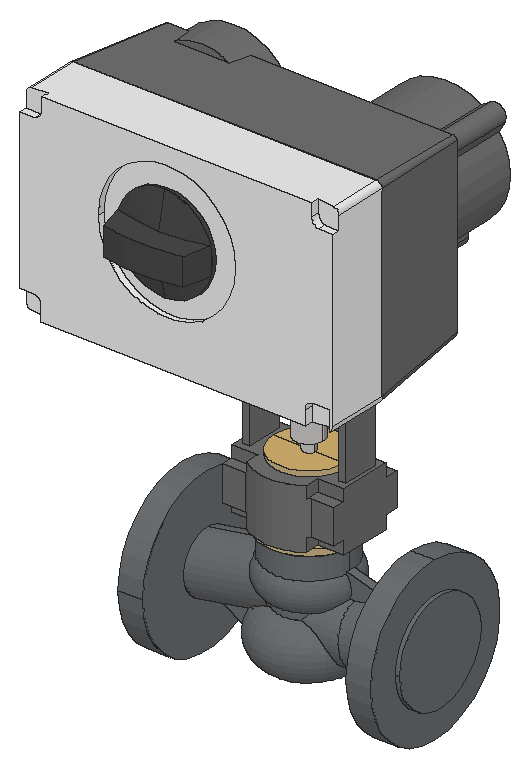
Revit family "VL2_DN15-DN100_AMV(E) 438 SU_RFA_2", category Pipe Accessories, Revit 2019 (continued)
Definition of nested family "Schematic_2-Way Valve_Flange"
  Lines and regions (mm)
    symbolic lines
      curve 14: line (-157.5, -50, 0) -> (0, 0, 0)
      curve 15: line (-180, 50, 0) -> (-180, -50, 0)
      curve 16: line (180, 50, 0) -> (180, -50, 0)
      curve 22: line (-60, 141, 0) -> (60, 141, 0)
      curve 23: line (-60, 261, 0) -> (-60, 141, 0)
      curve 24: line (60, 261, 0) -> (-60, 261, 0)
      curve 25: line (60, 141, 0) -> (60, 261, 0)
      curve 26: line (0, 0, 0) -> (0, 141, 0)
  Dimensions and locks
    "L": plane 6 to plane 7
    equal spacing: plane 6, plane 3 "Center (Left/Right)", plane 7
    "D1": plane 4 to plane 5
    equal spacing: plane 4, level, plane 5
    "L1": plane 8 to plane 7
    "L1": plane 6 to plane 9
    "D1": plane 11 to plane 10
    equal spacing: plane 11, plane 1 "Center (Front/Back)", plane 10
    "L_1": plane 13 to plane 12
    "H": plane 12 to level
    "L_1": plane 14 to plane 15
    equal spacing: plane 14, plane 3 "Center (Left/Right)", plane 15
    "H": plane 1 "Center (Front/Back)" to plane 16
    "L_1": plane 16 to plane 17
    equal spacing: plane 15, plane 3 "Center (Left/Right)", plane 14
    plane 15 to plane 14 = 120 mm
    aligned and locked: level to plane 2
    aligned and locked: plane 5 to curve 1
    aligned and locked: plane 4 to curve 1
    aligned and locked: plane 4 to curve 2
    aligned and locked: plane 5 to curve 2
    aligned and locked: curve 4 to plane 9
    aligned and locked: curve 7 to plane 8
    aligned and locked: level to curve 17
    aligned and locked: curve 18 to plane 12
    aligned and locked: plane 15 to curve 19
    aligned and locked: plane 13 to curve 20
    aligned and locked: curve 21 to plane 14
    aligned and locked: plane 16 to curve 26
    aligned and locked: plane 12 to curve 17
  Automatic sketch dimensions
    curve 15 to plane 7 = 0 mm
    curve 14 to plane 8 = 0 mm
    curve 24 to plane 15 = 0 mm
    plane 1 "Center (Front/Back)" to curve 14 = 0 mm
    curve 14 to plane 3 "Center (Left/Right)" = 0 mm
    curve 25 to plane 14 = 0 mm
    curve 10 to plane 9 = 0 mm
    curve 16 to plane 6 = 0 mm
    plane 11 to curve 15 = 0 mm
    plane 11 to curve 13 = 0 mm
    plane 11 to curve 16 = 0 mm
    plane 11 to curve 10 = 0 mm
    plane 10 to curve 15 = 0 mm
    plane 10 to curve 12 = 0 mm
    plane 10 to curve 16 = 0 mm
    plane 10 to curve 10 = 0 mm
    plane 17 to curve 25 = 0 mm
    curve 1 to plane 7 = 0 mm
    curve 8 to plane 3 "Center (Left/Right)" = 0 mm
    curve 2 to plane 6 = 0 mm
    curve 7 to plane 5 = 0 mm
    curve 5 to plane 5 = 0 mm
    curve 7 to plane 4 = 0 mm
    curve 3 to plane 4 = 0 mm
Types (13, lengths in mm): name | W | LE1_100 | LE_100 | L | H2 | H | EXT200 | DN15 to DN50 | D1 | L_Top | V2 | RB2 | RB | L_EXT | L_100 | HS_100 | H_Revolve Bottom | Weight | W2 | W1 | V_SMALL | V100 | Stroke | R_Arc | R_Top | R_Flow Pipe | R2_Revolve | R1_Revolve | RT3 | RT2 | RT1_1 | RT1 | Offset Flow Pipe_1 | Offset Flow Pipe_2 | Model Type | Model | L_S | L2 | Kvs | H_Revolve Top | H1 | HE_100 | HE1 | HE | HB2 | HB1 | HB | HE2 | EXT2 | D_Connection End | D_Flange | Extrusion Top 2 | Extrusion Top | Extrusion Bottom | D | L1_ve | Depth Flange_ve | Depth_Flange | L1 | Assembly point | Arc_100 | A2_Flow Pipe | A2_2 | A2 | A3 | A1_Flow Pipe | A1
  VL2_DN25_Kvs10_065Z0377 | 137.6 | 20 | 10 | 160 | 50 | 456.2 | 44 | yes | 50 | 3 | no | 1 | 1 | 90 | 10 | 0 | 33 | 2.59 kg | 23 | 18 | yes | no | "10 mm" | 36 | 12.5 | 19 | 10 | 13 | 12.5 | 20.5 | 21 | 25 | 9 | 6.47 | "VL2_DN25_Kvs10" | "065Z0377" | 48 | 80 | 10.0 m³/h | 25 | 91 | 3 | 60.5 | 0 | 1 | 35 | 30 | 37 | 15 | 62 | 100 | 5 | 28 | 30 | 25 | -2.5 | -13.5 | 13.5 | 2.5 | 1.3 | 1 | 165.00° | 0.00° | 15.00° | 15.00° | 169.00° | 12
  VL2_DN32_Kvs16_065Z0378 | 137.6 | 20 | 10 | 180 | 60 | 286 | 48.5 | yes | 64 | 3 | no | 1 | 1 | 100 | 10 | 0 | 35 | 3.82 kg | 27 | 15 | yes | no | "15 mm" | 41 | 12.5 | 24 | 18 | 19 | 23 | 23.5 | 24 | 29 | 7 | 7 | "VL2_DN32_Kvs16" | "065Z0378" | 48 | 90 | 16.0 m³/h | 33 | 95.5 | 3 | 65 | 0.5 | 1 | 35 | 30 | 41.5 | 25 | 72 | 120 | 10 | 34 | 30 | 32 | -2.5 | -15.8 | 15.8 | 2.5 | 0.8 | 1 | 168.00° | 0.00° | 13.00° | 15.00° | 170.00° | 13
  VL2_DN40_Kvs25_065Z0379 | 137.6 | 20 | 10 | 200 | 65 | 301.8 | 54 | yes | 80 | 3 | no | 1 | 1 | 120 | 10 | 0 | 44 | 5.28 kg | 31 | 18 | yes | no | "15 mm" | 50 | 12.5 | 28.5 | 21 | 21 | 19 | 28.5 | 29 | 37 | 9 | 10 | "VL2_DN40_Kvs25" | "065Z0379" | 48 | 100 | 25.0 m³/h | 42 | 106 | 3 | 76 | 5.3 | 1 | 35 | 30 | 48 | 30 | 82 | 130 | 10 | 38 | 37 | 40 | -2.5 | -15.8 | 15.8 | 2.5 | 0.3 | 1 | 168.00° | 0.00° | 20.00° | 15.00° | 168.00° | 20
  VL2_DN50_Kvs40_065Z0380 | 140 | 20 | 10 | 230 | 70 | 312.5 | 59 | yes | 100 | 3 | no | 1 | 1 | 150 | 10 | 0 | 53 | 6.74 kg | 42 | 30 | yes | no | "15 mm" | 59 | 12.5 | 30 | 23 | 26 | 20 | 34.5 | 35 | 43.5 | 10 | 15 | "VL2_DN50_Kvs40" | "065Z0380" | 65 | 115 | 40.0 m³/h | 45 | 111.3 | 3 | 81 | 6 | 1 | 35 | 30 | 53 | 30 | 93 | 140 | 10 | 40.5 | 41 | 50 | -3.5 | -16 | 16 | 3.5 | 0.3 | 1 | 166.00° | 0.00° | 18.00° | 13.00° | 170.00° | 15
  VL2_DN65_Kvs63_065Z0381 | 185 | 20 | 10 | 290 | 92.5 | 456.2 | 2 | no | 130 | 3 | yes | 27 | 55 | 180 | 10 | 0 | 66 | 13.90 kg | 58 | 40 | yes | no | "20 mm" | 82 | 12.5 | 41 | 23 | 27 | 22 | 1 | 5 | 22 | 20 | 25 | "VL2_DN65_Kvs63" | "065Z0381" | 97 | 145 | 63.0 m³/h | 68 | 148 | 3 | 113 | 20 | 7 | 81 | 60 | 68 | 65 | 130 | 185 | 20 | 63 | 66 | 65 | -5.5 | -19 | 19 | 5.5 | 7.3 | 1 | 165.00° | 0.00° | 20.00° | 18.00° | 165.00° | 30
  VL2_DN80_Kvs100_065Z0382 | 190 | 20 | 10 | 310 | 95 | 377.5 | 1 | no | 160 | 3 | yes | 27 | 62.5 | 200 | 10 | 0 | 65 | 17.22 kg | 64 | 43 | yes | no | "20 mm" | 91 | 12.5 | 44 | 32 | 37 | 22 | 1 | 5 | 22 | 30 | 21 | "VL2_DN80_Kvs100" | "065Z0382" | 95 | 155 | 100.0 m³/h | 75 | 152 | 3 | 118 | 32 | 8.5 | 86 | 60 | 60 | 58 | 138 | 190 | 20 | 66 | 65 | 80 | -5 | -17 | 17 | 5 | 7.3 | 1 | 169.00° | 0.00° | 15.00° | 15.00° | 163.00° | 22
  VL2_DN100_Kvs145_065Z3426 | 210 | 153 | 108 | 350 | 195 | 456.2 | 1 | no | 200 | 6 | yes | 105 | 70 | 19 | 170 | -72.5 | 50 | 39.00 kg | 50 | 43 | no | yes | "30 mm" | 2 | 17 | 47 | 25 | 25 | 35 | 60 | 59 | 35 | 25 | 33 | "VL2_DN100_Kvs145" | "065Z3426" | 95 | 175 | 145.0 m³/h | 60 | 161 | 72.5 | 117 | 33 | 44 | 151 | 70 | 45 | 0 | 160 | 210 | 20 | 67 | 152 | 100 | -3 | -21 | 21 | 3 | 0 | 30 | 164.00° | 44.00° | 45.00° | 0.00° | 165.00° | 43
  VL2_DN15_Kvs0.63_065Z0371 | 137.6 | 20 | 10 | 130 | 40 | 255.5 | 38 | yes | 30 | 3 | no | 1 | 1 | 80 | 25 | 0 | 27 | 1.48 kg | 16 | 17 | yes | no | "10 mm" | 30 | 12.5 | 15 | 6 | 9 | 12.5 | 15.5 | 16 | 20.5 | 7 | 5 | "VL2_DN15_Ksv0.63" | "065Z0371" | 48 | 65 | 0.63 m³/h | 23 | 85 | 3 | 54.5 | 0 | 1 | 25 | 20 | 31 | 20 | 50 | 80 | 5 | 22 | 26 | 15 | -2.5 | -12 | 12 | 2.5 | 1.3 | 10 | 168.00° | 0.00° | 30.00° | 16.00° | 170.00° | 19
  VL2_DN20_Kvs6.3_065Z0376 | 137.6 | 20 | 10 | 150 | 45 | 456.2 | 40.5 | yes | 40 | 3 | no | 1 | 1 | 85 | 10 | 0 | 31 | 2.07 kg | 19 | 16 | yes | no | "10 mm" | 35 | 12.5 | 17 | 8 | 10 | 12.5 | 19.5 | 20 | 23 | 6 | 6.47 | "VL2_DN20_Kvs6.3" | "065Z0376" | 48 | 75 | 6.3 m³/h | 25 | 87.3 | 3 | 57 | 0 | 1 | 25 | 30 | 33.5 | 18 | 56 | 90 | 8 | 27 | 28 | 20 | -2.5 | -13.5 | 13.5 | 2.5 | 1.3 | 1 | 165.00° | 0.00° | 22.00° | 15.00° | 172.00° | 16
  VL2_DN15_Kvs1.0_065Z0372 | 137.6 | 20 | 10 | 130 | 40 | 456.2 | 38 | yes | 30 | 3 | no | 1 | 1 | 80 | 25 | 0 | 27 | 1.48 kg | 16 | 17 | yes | no | "10 mm" | 30 | 12.5 | 15 | 6 | 9 | 12.5 | 15.5 | 16 | 20.5 | 7 | 5 | "VL2_DN15_Kvs1.0" | "065Z0372" | 48 | 65 | 1.0 m³/h | 23 | 85 | 3 | 54.5 | 0 | 1 | 25 | 20 | 31 | 20 | 50 | 80 | 5 | 22 | 26 | 15 | -2.5 | -12 | 12 | 2.5 | 1.3 | 10 | 168.00° | 0.00° | 30.00° | 16.00° | 170.00° | 19
  VL2_DN15_Kvs1.6_065Z0373 | 137.6 | 20 | 10 | 130 | 40 | 456.2 | 38 | yes | 30 | 3 | no | 1 | 1 | 80 | 25 | 0 | 27 | 1.48 kg | 16 | 17 | yes | no | "10 mm" | 30 | 12.5 | 15 | 6 | 9 | 12.5 | 15.5 | 16 | 20.5 | 7 | 5 | "VL2_DN15_Kvs1.6" | "065Z0373" | 48 | 65 | 1.6 m³/h | 23 | 85 | 3 | 54.5 | 0 | 1 | 25 | 20 | 31 | 20 | 50 | 80 | 5 | 22 | 26 | 15 | -2.5 | -12 | 12 | 2.5 | 1.3 | 10 | 168.00° | 0.00° | 30.00° | 16.00° | 170.00° | 19
  VL2_DN15_Kvs2.5_065Z0374 | 137.6 | 20 | 10 | 130 | 40 | 456.2 | 38 | yes | 30 | 3 | no | 1 | 1 | 80 | 25 | 0 | 27 | 1.48 kg | 16 | 17 | yes | no | "10 mm" | 30 | 12.5 | 15 | 6 | 9 | 12.5 | 15.5 | 16 | 20.5 | 7 | 5 | "VL2_DN15_Kvs2.5" | "065Z0374" | 48 | 65 | 2.5 m³/h | 23 | 85 | 3 | 54 | 0 | 1 | 25 | 20 | 31 | 20 | 50 | 80 | 5 | 22 | 26 | 15 | -2.5 | -12 | 12 | 2.5 | 1.3 | 10 | 168.00° | 0.00° | 30.00° | 16.00° | 170.00° | 19
  VL2_DN15_Kvs4.0_065Z0375 | 137.6 | 20 | 10 | 130 | 40 | 456.2 | 38 | yes | 30 | 3 | no | 1 | 1 | 80 | 25 | 0 | 27 | 1.48 kg | 16 | 17 | yes | no | "10 mm" | 30 | 12.5 | 15 | 6 | 9 | 12.5 | 15.5 | 16 | 20.5 | 7 | 5 | "VL2_DN15_Kvs4.0" | "065Z0375" | 48 | 65 | 4.0 m³/h | 23 | 85 | 3 | 54.5 | 0 | 1 | 25 | 20 | 31 | 20 | 50 | 80 | 5 | 22 | 26 | 15 | -2.5 | -12 | 12 | 2.5 | 1.3 | 10 | 168.00° | 0.00° | 30.00° | 16.00° | 170.00° | 19
